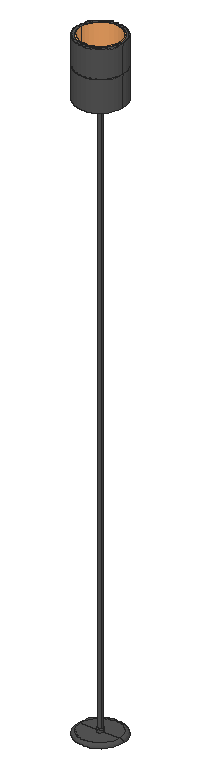
Revit family "MELO CYLINDER PENDANT LIGHT", category Lighting Fixtures, host Face, Revit 2020 (continued)
Types (16): name | Wattage_Input | Wattage Comments | Wattage | Voltage_Input | Size 08 | Size 06 | Size 04 | Selectable Wattage | Photometric Web File | Pendent Rod Length_1 | Pendent | Order number | built-in parameter 1150142 | Model | built-in parameter 1150105 | Lumens | built-in parameter 1150106 | Fixture Diameter | Canopy for Surface Mount J-box | Canopy for Recessed J-Box | Canopy Height | C2 H | C1 H | BEAMING ANGLE
     \r\n 0.16     0.17     0.16     0.16     0.16     0.16     0.16     0.16     0.16     0.16     \r\n 0.16     0.17     0.18     0.19     0.21     0.22     0.22     0.24     0.25     0.25     \r\n 0.28     0.29     0.30     0.37     0.37     0.39     0.44     0.46     0.51     0.55     \r\n 0.60     0.67     0.76     0.83     0.96     1.06     1.20     1.37     1.56     1.77     \r\n 2.01     2.28     2.59     2.94     3.33     3.75     4.20     4.69     5.21     5.75     \r\n 6.32     6.91     7.52     8.16     8.80     9.46     10.12    10.77    11.40    12.03    \r\n 12.67    13.26    13.86    14.48    15.08    15.70    16.24    16.77    17.31    17.83    \r\n 18.37    18.87    19.32    19.77    20.11    20.46    20.77    21.01    21.15    21.23    \r\n 20.88    \r\n12513.47 12488.83 12423.03 12325.06 12201.07 12055.34 11856.32 11627.27 11356.33 11037.12 \r\n 10658.92 10248.96 9808.04  9324.30  8786.12  8200.91  7561.54  6899.43  6216.25  5534.26  \r\n 4878.26  4283.00  3752.66  3282.11  2812.21  2399.75  2047.13  1726.32  1455.99  1223.49  \r\n 1026.55  868.22   738.46   635.59   554.53   483.57   422.94   374.49   322.69   284.59   \r\n 246.62   218.99   189.44   162.19   139.29   121.65   108.24   96.98    85.67    67.40    \r\n 56.45    49.15    44.75    42.20    40.67    39.38    38.12    36.78    35.44    33.94    \r\n 32.87    31.50    30.10    28.74    27.37    26.00    24.65    23.33    22.00    20.70    \r\n 19.43    18.18    16.95    15.76    14.59    13.46    12.35    11.27    10.22    9.21     \r\n 8.25     7.30     6.40     5.48     4.63     3.79     2.98     2.18     1.42     0.68     \r\n 0.12     0.12     0.12     0.12     0.12     0.12     0.12     0.12     0.13     0.13     \r\n 0.14     0.14     0.14     0.15     0.16     0.17     0.17     0.18     0.18     0.18     \r\n 0.19     0.20     0.20     0.21     0.22     0.23     0.24     0.25     0.27     0.28     \r\n 0.29     0.32     0.34     0.37     0.39     0.42     0.45     0.49     0.54     0.58     \r\n 0.64     0.71     0.78     0.87     0.98     1.10     1.24     1.40     1.58     1.79     \r\n 2.02     2.31     2.61     2.95     3.34     3.77     4.20     4.69     5.20     5.75     \r\n 6.33     6.91     7.52     8.15     8.79     9.44     10.10    10.76    11.38    12.01    \r\n 12.64    13.27    13.89    14.49    15.07    15.65    16.17    16.72    17.26    17.81    \r\n 18.32    18.85    19.35    19.79    20.21    20.58    20.91    21.19    21.36    21.39    \r\n 20.88    \r\n12478.63 12444.34 12369.28 12264.26 12132.19 11969.77 11770.06 11522.09 11244.07 10908.45 \r\n 10522.03 10108.84 9659.69  9166.50  8609.46  8009.10  7371.56  6704.78  6024.57  5340.00  \r\n 4710.37  4127.75  3599.14  3111.42  2671.53  2280.96  1932.65  1627.37  1386.03  1145.33  \r\n 965.94   815.54   695.02   598.30   523.59   456.73   400.10   352.34   304.37   266.26   \r\n 236.87   209.46   180.98   155.26   136.19   117.17   104.51   93.43    81.49    63.48    \r\n 54.35    47.91    44.26    41.99    40.58    39.25    37.90    36.67    35.38    34.05    \r\n 32.86    31.37    30.05    28.66    27.30    25.92    24.54    23.22    21.88    20.59    \r\n 19.27    18.06    16.79    15.65    14.41    13.27    12.23    11.11    10.13    9.03     \r\n 8.02     7.12     6.20     5.31     4.39     3.59     2.78     2.01     1.20     0.46     \r\n 0.15     0.14     0.14     0.14     0.14     0.15     0.15     0.15     0.15     0.16     \r\n 0.16     0.16     0.16     0.16     0.16     0.16     0.16     0.16     0.16     0.16     \r\n 0.16     0.17     0.17     0.19     0.21     0.22     0.22     0.23     0.24     0.25     \r\n 0.29     0.29     0.31     0.34     0.36     0.39     0.45     0.46     0.52     0.58     \r\n 0.63     0.71     0.77     0.88     0.98     1.11     1.25     1.42     1.62     1.84     \r\n 2.09     2.38     2.69     3.05     3.44     3.87     4.33     4.83     5.35     5.91     \r\n 6.47     7.07     7.69     8.33     8.97     9.63     10.28    10.92    11.55    12.19    \r\n 12.82    13.42    14.01    14.59    15.15    15.71    16.25    16.78    17.30    17.82    \r\n 18.31    18.79    19.27    19.72    20.14    20.52    20.83    21.08    21.27    21.31    \r\n 20.88    \r\n12454.62 12422.34 12344.73 12238.28 12110.88 11954.80 11751.45 11512.87 11228.72 10899.11 \r\n 10513.43 10106.23 9660.14  9174.89  8627.16  8027.03  7394.26  6735.45  6054.18  5374.24  \r\n 4737.10  4150.79  3623.29  3155.13  2687.64  2278.08  1929.33  1613.19  1350.75  1127.81  \r\n 946.19   799.72   678.67   585.09   510.18   446.93   392.38   345.87   303.22   260.74   \r\n 232.15   204.73   176.58   151.44   131.19   115.70   103.39   92.64    80.76    63.34    \r\n 54.44    48.10    44.57    42.36    40.96    39.60    38.14    36.79    35.59    34.40    \r\n 33.10    31.66    30.28    28.91    27.52    26.11    24.74    23.36    22.01    20.69    \r\n 19.39    18.13    16.88    15.67    14.48    13.34    12.22    11.13    10.08    9.07     \r\n 8.09     7.14     6.22     5.32     4.45     3.62     2.80     2.00     1.23     0.50     \r\n 0.12     0.12     0.12     0.12     0.13     0.12     0.13     0.13     0.14     0.14     \r\n 0.14     0.14     0.15     0.15     0.16     0.16     0.17     0.18     0.18     0.18     \r\n 0.19     0.19     0.21     0.21     0.22     0.23     0.25     0.26     0.28     0.29     \r\n 0.30     0.32     0.35     0.37     0.40     0.43     0.46     0.50     0.55     0.59     \r\n 0.65     0.72     0.81     0.91     1.01     1.14     1.29     1.45     1.64     1.85     \r\n 2.11     2.39     2.71     3.06     3.45     3.87     4.33     4.82     5.33     5.89     \r\n 6.47     7.05     7.66     8.28     8.92     9.58     10.22    10.87    11.52    12.16    \r\n 12.80    13.41    13.99    14.58    15.16    15.72    16.23    16.76    17.26    17.77    \r\n 18.26    18.73    19.18    19.60    19.99    20.35    20.67    20.93    21.10    21.20    \r\n 20.88    \r\n12425.06 12383.26 12291.21 12183.23 12053.49 11890.15 11677.29 11424.96 11134.22 10794.73 \r\n 10411.09 9999.81  9555.37  9059.40  8512.69  7921.34  7286.21  6626.03  5958.57  5277.41  \r\n 4646.86  4067.06  3534.71  3045.54  2604.24  2206.13  1856.82  1548.72  1313.50  1079.01  \r\n 907.53   763.89   650.73   559.63   489.26   428.11   375.92   330.95   286.11   251.71   \r\n 224.04   196.63   169.44   147.72   126.05   111.51   99.96    89.61    77.04    61.15    \r\n 52.94    47.24    44.02    42.03    40.67    39.34    37.97    36.79    35.43    34.26    \r\n 32.98    31.53    30.20    28.78    27.38    25.96    24.57    23.21    21.85    20.56    \r\n 19.21    18.00    16.70    15.55    14.30    13.16    12.10    10.98    9.97     8.86     \r\n 7.88     6.97     6.04     5.14     4.21     3.41     2.62     1.83     1.04     0.34     \r\n 0.14     0.14     0.14     0.14     0.15     0.15     0.16     0.16     0.16     0.16     \r\n 0.16     0.16     0.16     0.16     0.16     0.16     0.16     0.16     0.16     0.16     \r\n 0.16     0.16     0.18     0.20     0.21     0.22     0.22     0.22     0.24     0.25     \r\n 0.28     0.29     0.31     0.36     0.38     0.39     0.44     0.49     0.51     0.58     \r\n 0.67     0.74     0.80     0.89     1.00     1.13     1.29     1.47     1.66     1.90     \r\n 2.15     2.45     2.78     3.15     3.55     3.98     4.45     4.95     5.48     6.04     \r\n 6.59     7.20     7.81     8.44     9.09     9.74     10.40    11.03    11.67    12.31    \r\n 12.96    13.56    14.10    14.68    15.20    15.75    16.26    16.78    17.28    17.79    \r\n 18.25    18.72    19.13    19.53    19.87    20.21    20.50    20.75    20.91    21.00    \r\n 20.88    \r\n12402.91 12366.75 12277.37 12166.72 12040.16 11875.98 11661.31 11416.65 11132.52 10804.93 \r\n 10433.41 10033.84 9599.43  9110.98  8570.06  7991.70  7377.35  6731.36  6064.25  5393.52  \r\n 4741.33  4151.67  3618.50  3145.66  2673.51  2262.37  1908.76  1590.83  1327.43  1104.48  \r\n 922.92   776.97   656.65   564.05   490.63   428.68   376.54   331.57   290.47   249.54   \r\n 222.64   196.64   170.08   146.83   127.69   113.14   101.46   91.13    79.33    62.40    \r\n 54.00    47.99    44.63    42.49    41.15    39.77    38.33    37.04    35.75    34.55    \r\n 33.24    31.76    30.39    29.01    27.58    26.15    24.76    23.38    22.02    20.69    \r\n 19.37    18.09    16.82    15.61    14.41    13.25    12.13    11.03    9.97     8.95     \r\n 7.98     7.02     6.10     5.20     4.34     3.50     2.69     1.89     1.12     0.40     \r\n 0.11     0.11     0.11     0.11     0.12     0.12     0.12     0.13     0.13     0.14     \r\n 0.14     0.15     0.15     0.16     0.16     0.17     0.17     0.18     0.18     0.18     \r\n 0.19     0.19     0.20     0.21     0.22     0.22     0.24     0.26     0.27     0.28     \r\n 0.30     0.33     0.34     0.36     0.39     0.42     0.46     0.50     0.54     0.59     \r\n 0.65     0.72     0.81     0.90     1.02     1.15     1.30     1.47     1.67     1.88     \r\n 2.14     2.43     2.75     3.11     3.50     3.93     4.39     4.90     5.41     5.97     \r\n 6.53     7.13     7.75     8.39     9.02     9.66     10.30    10.94    11.56    12.18    \r\n 12.80    13.41    14.01    14.57    15.12    15.66    16.19    16.72    17.25    17.75    \r\n 18.23    18.69    19.12    19.49    19.83    20.15    20.46    20.70    20.87    20.93    \r\n 20.88    \r\n12375.28 12329.25 12230.12 12118.79 11981.97 11800.27 11578.31 11325.43 11044.55 10710.31 \r\n 10330.48 9927.69  9480.98  9000.04  8465.20  7891.82  7279.36  6627.85  5965.63  5295.79  \r\n 4659.71  4076.10  3545.59  3054.09  2610.42  2214.17  1859.70  1553.44  1315.23  1077.70  \r\n 905.68   760.56   645.29   554.43   483.96   423.47   372.10   327.86   283.23   248.92   \r\n 222.12   195.65   169.38   148.30   127.26   112.77   101.35   91.03    78.73    62.28    \r\n 53.68    47.83    44.59    42.49    41.14    39.76    38.41    37.12    35.76    34.51    \r\n 33.10    31.56    30.23    28.79    27.38    25.97    24.57    23.21    21.85    20.54    \r\n 19.20    17.96    16.66    15.50    14.23    13.10    12.01    10.89    9.88     8.77     \r\n 7.79     6.88     5.95     5.06     4.13     3.33     2.54     1.76     0.99     0.30     \r\n 0.14     0.14     0.14     0.14     0.14     0.14     0.14     0.14     0.14     0.14     \r\n 0.14     0.14     0.14     0.14     0.14     0.14     0.14     0.14     0.14     0.15     \r\n 0.15     0.16     0.17     0.18     0.21     0.22     0.22     0.22     0.23     0.25     \r\n 0.29     0.29     0.30     0.38     0.38     0.40     0.44     0.47     0.52     0.58     \r\n 0.65     0.70     0.80     0.89     1.00     1.13     1.29     1.48     1.66     1.90     \r\n 2.16     2.46     2.79     3.16     3.56     4.00     4.46     4.96     5.50     6.05     \r\n 6.62     7.21     7.82     8.45     9.07     9.72     10.37    11.00    11.62    12.25    \r\n 12.89    13.48    14.06    14.61    15.17    15.71    16.23    16.75    17.27    17.77    \r\n 18.27    18.70    19.13    19.50    19.81    20.12    20.39    20.61    20.76    20.82    \r\n 20.88    \r\n12360.22 12321.71 12231.87 12121.17 11990.30 11818.62 11603.55 11364.20 11092.79 10773.67 \r\n 10404.50 10004.89 9567.82  9092.63  8563.67  8006.55  7405.47  6771.85  6120.74  5456.57  \r\n 4804.79  4209.57  3682.93  3207.54  2732.83  2317.32  1960.37  1639.61  1369.52  1139.82  \r\n 950.97   798.91   674.49   579.27   503.70   441.06   386.57   341.02   297.51   254.19   \r\n 226.08   199.97   173.02   149.25   129.66   114.56   102.65   92.74    81.98    64.32    \r\n 55.56    49.05    45.22    42.89    41.44    40.04    38.73    37.45    36.21    34.65    \r\n 33.41    31.86    30.47    29.08    27.66    26.23    24.84    23.46    22.10    20.76    \r\n 19.45    18.17    16.89    15.68    14.46    13.31    12.18    11.08    10.02    8.98     \r\n 8.00     7.05     6.14     5.23     4.37     3.53     2.71     1.93     1.17     0.45     \r\n 0.11     0.11     0.12     0.12     0.12     0.13     0.13     0.13     0.13     0.14     \r\n 0.14     0.15     0.15     0.16     0.17     0.17     0.18     0.18     0.18     0.18     \r\n 0.19     0.20     0.20     0.21     0.21     0.23     0.24     0.25     0.26     0.28     \r\n 0.29     0.31     0.33     0.36     0.38     0.41     0.45     0.49     0.54     0.59     \r\n 0.65     0.72     0.79     0.89     1.00     1.13     1.27     1.44     1.64     1.85     \r\n 2.10     2.38     2.69     3.05     3.43     3.86     4.30     4.79     5.30     5.87     \r\n 6.41     6.99     7.59     8.21     8.85     9.47     10.12    10.75    11.38    12.00    \r\n 12.62    13.20    13.79    14.37    14.95    15.49    16.03    16.54    17.05    17.55    \r\n 18.03    18.49    18.94    19.36    19.72    20.06    20.38    20.65    20.82    20.86    \r\n 20.88    \r\n12342.04 12302.19 12212.51 12103.61 11971.98 11806.27 11593.86 11350.93 11084.23 10758.59 \r\n 10382.59 9982.18  9541.13  9063.06  8533.41  7983.60  7392.43  6760.38  6119.47  5460.17  \r\n 4821.36  4228.80  3688.81  3185.02  2731.37  2323.75  1960.72  1644.07  1394.38  1145.36  \r\n 960.27   805.34   682.37   583.95   507.85   443.53   388.04   342.23   294.79   255.92   \r\n 227.08   200.59   173.25   150.73   128.25   113.27   101.75   92.23    81.96    64.55    \r\n 55.84    49.36    45.42    43.04    41.55    40.14    38.74    37.34    36.06    34.66    \r\n 33.36    31.80    30.47    29.04    27.64    26.20    24.82    23.46    22.09    20.78    \r\n 19.43    18.20    16.88    15.71    14.42    13.23    12.19    11.05    10.05    9.00     \r\n 7.99     7.07     6.15     5.25     4.33     3.52     2.73     1.95     1.16     0.44     \r\n 0.14     0.14     0.14     0.12     0.12     0.12     0.12     0.12     0.13     0.13     \r\n 0.14     0.14     0.14     0.14     0.14     0.14     0.14     0.14     0.14     0.14     \r\n 0.15     0.16     0.16     0.19     0.21     0.21     0.22     0.23     0.24     0.24     \r\n 0.26     0.29     0.29     0.32     0.36     0.37     0.41     0.45     0.50     0.55     \r\n 0.61     0.67     0.76     0.85     0.96     1.10     1.24     1.40     1.60     1.81     \r\n 2.06     2.35     2.65     3.00     3.39     3.81     4.26     4.75     5.26     5.80     \r\n 6.36     6.94     7.54     8.15     8.78     9.41     10.05    10.66    11.26    11.87    \r\n 12.50    13.08    13.64    14.22    14.76    15.30    15.83    16.32    16.81    17.31    \r\n 17.77    18.26    18.69    19.13    19.55    19.89    20.21    20.46    20.64    20.75    \r\n 20.88    \r\n12330.52 12306.65 12226.26 12122.22 12000.54 11852.37 11644.83 11408.82 11143.22 10842.09 \r\n 10488.51 10100.24 9670.21  9195.66  8682.36  8141.44  7563.08  6949.73  6309.56  5658.98  \r\n 5009.40  4399.30  3841.08  3350.69  2860.95  2428.80  2059.06  1723.69  1444.41  1204.14  \r\n 1008.33  850.32   717.54   613.24   532.22   464.85   406.06   358.32   310.69   271.93   \r\n 233.32   206.32   178.03   152.96   132.03   116.04   103.96   94.30    84.90    68.86    \r\n 57.98    50.73    46.02    43.29    41.63    40.22    38.89    37.48    36.22    34.84    \r\n 33.68    32.18    30.72    29.35    27.90    26.45    25.04    23.66    22.29    20.92    \r\n 19.60    18.30    17.02    15.79    14.58    13.40    12.27    11.17    10.11    9.08     \r\n 8.10     7.15     6.26     5.37     4.54     3.71     2.91     2.14     1.39     0.67     \r\n 0.12     0.11     0.12     0.13     0.12     0.12     0.13     0.13     0.14     0.14     \r\n 0.14     0.15     0.15     0.15     0.16     0.16     0.17     0.18     0.18     0.18     \r\n 0.19     0.19     0.20     0.20     0.21     0.22     0.23     0.24     0.26     0.27     \r\n 0.29     0.31     0.33     0.35     0.37     0.40     0.43     0.48     0.51     0.57     \r\n 0.62     0.69     0.78     0.85     0.94     1.07     1.20     1.36     1.53     1.73     \r\n 1.97     2.24     2.53     2.86     3.23     3.63     4.06     4.53     5.03     5.57     \r\n 6.13     6.69     7.28     7.90     8.51     9.14     9.76     10.39    11.01    11.60    \r\n 12.20    12.79    13.38    13.95    14.51    15.04    15.56    16.04    16.51    17.00    \r\n 17.49    17.99    18.46    18.91    19.32    19.70    20.03    20.32    20.53    20.66    \r\n 20.88    \r\n12318.25 12297.77 12218.12 12117.76 11997.49 11850.17 11651.55 11409.70 1115
